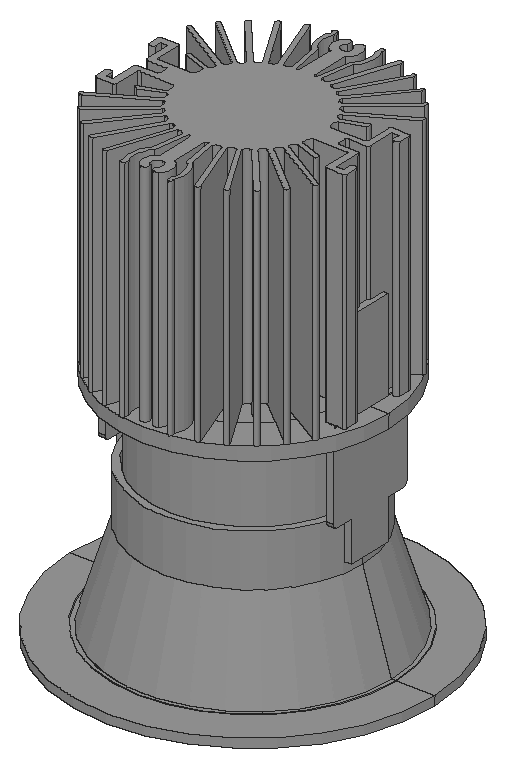
Revit family "Artemide_Everything_80", category Lighting Fixtures, Revit 2018 (continued)
Types (216, lengths in mm): name | V_TrimlessSquare | V_TrimlessRound | V_TrimSquare | V_TrimRound | V_Square | V_Round | Radius_RoundVoidReal | Photometric Web File | M_Trim | M_Louvre | M_HousingLed | built-in parameter 1150105 | Lumens | built-in parameter 1150107 | built-in parameter 1150106 | URL to O&M Manual | Trim Material | Trim Finish | Trim Colour  | Product Model Number | Product Literature | Overall Width | Overall Length | Output Lumens Direct light | Input Lumens Direct light | Initial Lumens | IES Files  | Housing Colour  | Face Shape | Efficiency | built-in parameter 1150104 | Distance_SquareVoidReal | Colour Temperature | Angle_LightReal | Angle_LightRange | Angle_Light | Adjustable
  Everything_80_Round_Trim_23°_3000K_White/PolishedMetal_M278620 | no | no | no | yes | no | yes | 31.6 | "M278620.IES" | Artemide_Aluminum_White | Artemide_Aluminum_PolishedMetal | Artemide_Aluminum_PolishedMetal | 84.509 (stored number, unit not read) | 1061.97 lm | 3000 (stored number, unit not read) | 0.84509 (stored number, unit not read) | "https://www.artemide.com/contents/documenti/prodotto/everything_80_trim_instructions4367641.pdf" | "Aluminium" | "Painted" | "Polished Metal" | "M278620" | "https://www.artemide.com/it/subfamily/2380637/everything-80-trim" | 0 | 80 | 1062 | 1390 | 1062 | "https://www.artemide.com/product/downloadFile/2381452/ieseu/4916929" | "White" | "Round" | 76 | 7.5892 (stored number, unit not read) | 0.8 | 3000 | 90.00° | 60.00° | 60.00° | no
  Everything_80_Round_Trim_Adj_23°_3000K_White/PolishedMetal_M278625 | no | no | no | yes | no | yes | 31.6 | "M278625.IES" | Artemide_Aluminum_White | Artemide_Aluminum_PolishedMetal | Artemide_Aluminum_PolishedMetal | 84.509 (stored number, unit not read) | 1061.97 lm | 3000 (stored number, unit not read) | 0.84509 (stored number, unit not read) | "https://www.artemide.com/contents/documenti/prodotto/everything_80_trim_instructions4367641.pdf" | "Aluminium" | "Painted" | "Polished Metal" | "M278625" | "https://www.artemide.com/it/subfamily/2380637/everything-80-trim" | 0 | 80 | 1062 | 1390 | 1062 | "https://www.artemide.com/product/downloadFile/2381564/ieseu/4916582" | "White" | "Round" | 76 | 7.5892 (stored number, unit not read) | 0.8 | 3000 | 60.00° | 60.00° | 60.00° | yes
  Everything_80_Round_Trim_23°_3000K_White/Black_M251620 | no | no | no | yes | no | yes | 31.6 | "M251620.IES" | Artemide_Aluminum_White | Artemide_Aluminum_Black | Artemide_Aluminum_Black | 69.353 (stored number, unit not read) | 871.52 lm | 3000 (stored number, unit not read) | 0.69353 (stored number, unit not read) | "https://www.artemide.com/contents/documenti/prodotto/everything_80_trim_instructions4367641.pdf" | "Aluminium" | "Painted" | "Black" | "M251620" | "https://www.artemide.com/it/subfamily/2380637/everything-80-trim" | 0 | 80 | 872 | 1390 | 872 | "https://www.artemide.com/product/downloadFile/2381694/ieseu/4916813" | "White" | "Round" | 63 | 6.2282 (stored number, unit not read) | 0.8 | 3000 | 90.00° | 60.00° | 60.00° | no
  Everything_80_Round_Trim_Adj_23°_3000K_White/Black_M251625 | no | no | no | yes | no | yes | 31.6 | "M251625.IES" | Artemide_Aluminum_White | Artemide_Aluminum_Black | Artemide_Aluminum_Black | 69.353 (stored number, unit not read) | 871.52 lm | 3000 (stored number, unit not read) | 0.69353 (stored number, unit not read) | "https://www.artemide.com/contents/documenti/prodotto/everything_80_trim_instructions4367641.pdf" | "Aluminium" | "Painted" | "Black" | "M251625" | "https://www.artemide.com/it/subfamily/2380637/everything-80-trim" | 0 | 80 | 872 | 1390 | 872 | "https://www.artemide.com/product/downloadFile/2381814/ieseu/4916783" | "White" | "Round" | 63 | 6.2282 (stored number, unit not read) | 0.8 | 3000 | 60.00° | 60.00° | 60.00° | yes
  Everything_80_Round_Trim_23°_3000K_Black/Black_M251610 | no | no | no | yes | no | yes | 31.6 | "M251610.IES" | Artemide_Aluminum_Black | Artemide_Aluminum_Black | Artemide_Aluminum_Black | 69.353 (stored number, unit not read) | 871.52 lm | 3000 (stored number, unit not read) | 0.69353 (stored number, unit not read) | "https://www.artemide.com/contents/documenti/prodotto/everything_80_trim_instructions4367641.pdf" | "Aluminium" | "Painted" | "Black" | "M251610" | "https://www.artemide.com/it/subfamily/2380637/everything-80-trim" | 0 | 80 | 872 | 1390 | 872 | "https://www.artemide.com/product/downloadFile/2381944/ieseu/4916856" | "Black" | "Round" | 63 | 6.2282 (stored number, unit not read) | 0.8 | 3000 | 90.00° | 60.00° | 60.00° | no
  Everything_80_Round_Trim_Adj_23°_3000K_Black/Black_M251615 | no | no | no | yes | no | yes | 31.6 | "M251615.IES" | Artemide_Aluminum_Black | Artemide_Aluminum_Black | Artemide_Aluminum_Black | 69.353 (stored number, unit not read) | 871.52 lm | 3000 (stored number, unit not read) | 0.69353 (stored number, unit not read) | "https://www.artemide.com/contents/documenti/prodotto/everything_80_trim_instructions4367641.pdf" | "Aluminium" | "Painted" | "Black" | "M251615" | "https://www.artemide.com/it/subfamily/2380637/everything-80-trim" | 0 | 80 | 872 | 1390 | 872 | "https://www.artemide.com/product/downloadFile/2382064/ieseu/4917098" | "Black" | "Round" | 63 | 6.2282 (stored number, unit not read) | 0.8 | 3000 | 60.00° | 60.00° | 60.00° | yes
  Everything_80_Round_Trim_23°_3000K_Silver/Black_M251660 | no | no | no | yes | no | yes | 31.6 | "M251660.IES" | Artemide_Aluminum_BrushedSilver | Artemide_Aluminum_Black | Artemide_Aluminum_Black | 69.353 (stored number, unit not read) | 871.52 lm | 3000 (stored number, unit not read) | 0.69353 (stored number, unit not read) | "https://www.artemide.com/contents/documenti/prodotto/everything_80_trim_instructions4367641.pdf" | "Aluminium" | "Painted" | "Black" | "M251660" | "https://www.artemide.com/it/subfamily/2380637/everything-80-trim" | 0 | 80 | 872 | 1390 | 872 | "https://www.artemide.com/product/downloadFile/2382194/ieseu/4916811" | "Silver" | "Round" | 63 | 6.2282 (stored number, unit not read) | 0.8 | 3000 | 90.00° | 60.00° | 60.00° | no
  Everything_80_Round_Trim_Adj_23°_3000K_Silver/Black_M251665 | no | no | no | yes | no | yes | 31.6 | "M251665.IES" | Artemide_Aluminum_BrushedSilver | Artemide_Aluminum_Black | Artemide_Aluminum_Black | 69.353 (stored number, unit not read) | 871.52 lm | 3000 (stored number, unit not read) | 0.69353 (stored number, unit not read) | "https://www.artemide.com/contents/documenti/prodotto/everything_80_trim_instructions4367641.pdf" | "Aluminium" | "Painted" | "Black" | "M251665" | "https://www.artemide.com/it/subfamily/2380637/everything-80-trim" | 0 | 80 | 872 | 1390 | 872 | "https://www.artemide.com/product/downloadFile/2382314/ieseu/4916882" | "Silver" | "Round" | 63 | 6.2282 (stored number, unit not read) | 0.8 | 3000 | 60.00° | 60.00° | 60.00° | yes
  Everything_80_Round_Trim_28°_3000K_White/White_M251220 | no | no | no | yes | no | yes | 31.6 | "M251220.IES" | Artemide_Aluminum_White | Artemide_Aluminum_White | Artemide_Aluminum_White | 83.733 (stored number, unit not read) | 1052.22 lm | 3000 (stored number, unit not read) | 0.83733 (stored number, unit not read) | "https://www.artemide.com/contents/documenti/prodotto/everything_80_trim_instructions4367641.pdf" | "Aluminium" | "Painted" | "White" | "M251220" | "https://www.artemide.com/it/subfamily/2380637/everything-80-trim" | 0 | 80 | 1052 | 1390 | 1052 | "https://www.artemide.com/product/downloadFile/2386705/ieseu/4917043" | "White" | "Round" | 76 | 7.5196 (stored number, unit not read) | 0.8 | 3000 | 90.00° | 60.00° | 60.00° | no
  Everything_80_Round_Trim_Adj_23°_3000K_White/White_M251225 | no | no | no | yes | no | yes | 31.6 | "M251225.IES" | Artemide_Aluminum_White | Artemide_Aluminum_White | Artemide_Aluminum_White | 83.733 (stored number, unit not read) | 1052.22 lm | 3000 (stored number, unit not read) | 0.83733 (stored number, unit not read) | "https://www.artemide.com/contents/documenti/prodotto/everything_80_trim_instructions4367641.pdf" | "Aluminium" | "Painted" | "White" | "M251225" | "https://www.artemide.com/it/subfamily/2380637/everything-80-trim" | 0 | 80 | 1052 | 1390 | 1052 | "https://www.artemide.com/product/downloadFile/2386897/ieseu/4916919" | "White" | "Round" | 76 | 7.5196 (stored number, unit not read) | 0.8 | 3000 | 60.00° | 60.00° | 60.00° | yes
  Everything_80_Round_Trim_28°_3000K_Black/PolishedMetal_M278810 | no | no | no | yes | no | yes | 31.6 | "M278810.IES" | Artemide_Aluminum_Black | Artemide_Aluminum_PolishedMetal | Artemide_Aluminum_PolishedMetal | 0.000078198 (stored number, unit not read) | 0.00098267 lm | 3000 (stored number, unit not read) | 0.000000782 (stored number, unit not read) | "https://www.artemide.com/contents/documenti/prodotto/everything_80_trim_instructions4367641.pdf" | "Aluminium" | "Painted" | "Polished Metal" | "M278810" | "https://www.artemide.com/it/subfamily/2380637/everything-80-trim" | 0 | 80 | 983 | 1390 | 983 | "https://www.artemide.com/product/downloadFile/2387421/ieseu/4916695" | "Black" | "Round" | 71 | 0.000007023 (stored number, unit not read) | 0.8 | 3000 | 90.00° | 60.00° | 60.00° | no
  Everything_80_Round_Trim_Adj_28°_3000K_Black/PolishedMetal_M278815 | no | no | no | yes | no | yes | 31.6 | "M278815.IES" | Artemide_Aluminum_Black | Artemide_Aluminum_PolishedMetal | Artemide_Aluminum_PolishedMetal | 0.000078198 (stored number, unit not read) | 0.00098267 lm | 3000 (stored number, unit not read) | 0.000000782 (stored number, unit not read) | "https://www.artemide.com/contents/documenti/prodotto/everything_80_trim_instructions4367641.pdf" | "Aluminium" | "Painted" | "Polished Metal" | "M278815" | "https://www.artemide.com/it/subfamily/2380637/everything-80-trim" | 0 | 80 | 983 | 1390 | 983 | "https://www.artemide.com/product/downloadFile/2387543/ieseu/4917024" | "Black" | "Round" | 71 | 0.000007023 (stored number, unit not read) | 0.8 | 3000 | 60.00° | 60.00° | 60.00° | yes
  Everything_80_Round_Trim_28°_3000K_White/PolishedMetal_M278820 | no | no | no | yes | no | yes | 31.6 | "M278820.IES" | Artemide_Aluminum_White | Artemide_Aluminum_PolishedMetal | Artemide_Aluminum_PolishedMetal | 0.000078198 (stored number, unit not read) | 0.00098267 lm | 3000 (stored number, unit not read) | 0.000000782 (stored number, unit not read) | "https://www.artemide.com/contents/documenti/prodotto/everything_80_trim_instructions4367641.pdf" | "Aluminium" | "Painted" | "Polished Metal" | "M278820" | "https://www.artemide.com/it/subfamily/2380637/everything-80-trim" | 0 | 80 | 983 | 1390 | 983 | "https://www.artemide.com/product/downloadFile/2387665/ieseu/4917202" | "White" | "Round" | 71 | 0.000007023 (stored number, unit not read) | 0.8 | 3000 | 90.00° | 60.00° | 60.00° | no
  Everything_80_Round_Trim_Adj_28°_3000K_White/PolishedMetal_M278825 | no | no | no | yes | no | yes | 31.6 | "M278825.IES" | Artemide_Aluminum_White | Artemide_Aluminum_PolishedMetal | Artemide_Aluminum_PolishedMetal | 0.000078198 (stored number, unit not read) | 0.00098267 lm | 3000 (stored number, unit not read) | 0.000000782 (stored number, unit not read) | "https://www.artemide.com/contents/documenti/prodotto/everything_80_trim_instructions4367641.pdf" | "Aluminium" | "Painted" | "Polished Metal" | "M278825" | "https://www.artemide.com/it/subfamily/2380637/everything-80-trim" | 0 | 80 | 983 | 1390 | 983 | "https://www.artemide.com/product/downloadFile/2387795/ieseu/4916519" | "White" | "Round" | 71 | 0.000007023 (stored number, unit not read) | 0.8 | 3000 | 60.00° | 60.00° | 60.00° | yes
  Everything_80_Round_Trim_28°_3000K_White/Black_M251820 | no | no | no | yes | no | yes | 31.6 | "M251820.IES" | Artemide_Aluminum_White | Artemide_Aluminum_Black | Artemide_Aluminum_Black | 70.791 (stored number, unit not read) | 889.59 lm | 3000 (stored number, unit not read) | 0.70791 (stored number, unit not read) | "https://www.artemide.com/contents/documenti/prodotto/everything_80_trim_instructions4367641.pdf" | "Aluminium" | "Painted" | "Black" | "M251820" | "https://www.artemide.com/it/subfamily/2380637/everything-80-trim" | 0 | 80 | 890 | 1390 | 890 | "https://www.artemide.com/product/downloadFile/2387925/ieseu/4916556" | "White" | "Round" | 64 | 6.3574 (stored number, unit not read) | 0.8 | 3000 | 90.00° | 60.00° | 60.00° | no
  Everything_80_Round_Trim_Adj_28°_3000K_White/Black_M251825 | no | no | no | yes | no | yes | 31.6 | "M251825.IES" | Artemide_Aluminum_White | Artemide_Aluminum_Black | Artemide_Aluminum_Black | 70.791 (stored number, unit not read) | 889.59 lm | 3000 (stored number, unit not read) | 0.70791 (stored number, unit not read) | "https://www.artemide.com/contents/documenti/prodotto/everything_80_trim_instructions4367641.pdf" | "Aluminium" | "Painted" | "Black" | "M251825" | "https://www.artemide.com/it/subfamily/2380637/everything-80-trim" | 0 | 80 | 890 | 1390 | 890 | "https://www.artemide.com/product/downloadFile/2388055/ieseu/4916861" | "White" | "Round" | 64 | 6.3574 (stored number, unit not read) | 0.8 | 3000 | 60.00° | 60.00° | 60.00° | yes
  Everything_80_Round_Trim_28°_3000K_Black/Black_M251810 | no | no | no | yes | no | yes | 31.6 | "M251810.IES" | Artemide_Aluminum_Black | Artemide_Aluminum_Black | Artemide_Aluminum_Black | 70.791 (stored number, unit not read) | 889.59 lm | 3000 (stored number, unit not read) | 0.70791 (stored number, unit not read) | "https://www.artemide.com/contents/documenti/prodotto/everything_80_trim_instructions4367641.pdf" | "Aluminium" | "Painted" | "Black" | "M251810" | "https://www.artemide.com/it/subfamily/2380637/everything-80-trim" | 0 | 80 | 890 | 1390 | 890 | "https://www.artemide.com/product/downloadFile/2388185/ieseu/4917118" | "Black" | "Round" | 64 | 6.3574 (stored number, unit not read) | 0.8 | 3000 | 90.00° | 60.00° | 60.00° | no
  Everything_80_Round_Trim_Adj_28°_3000K_Black/Black_M251815 | no | no | no | yes | no | yes | 31.6 | "M251815.IES" | Artemide_Aluminum_Black | Artemide_Aluminum_Black | Artemide_Aluminum_Black | 70.791 (stored number, unit not read) | 889.59 lm | 3000 (stored number, unit not read) | 0.70791 (stored number, unit not read) | "https://www.artemide.com/contents/documenti/prodotto/everything_80_trim_instructions4367641.pdf" | "Aluminium" | "Painted" | "Black" | "M251815" | "https://www.artemide.com/it/subfamily/2380637/everything-80-trim" | 0 | 80 | 890 | 1390 | 890 | "https://www.artemide.com/product/downloadFile/2388315/ieseu/4916623" | "Black" | "Round" | 64 | 6.3574 (stored number, unit not read) | 0.8 | 3000 | 60.00° | 60.00° | 60.00° | yes
  Everything_80_Round_Trim_28°_3000K_Silver/Black_M251860 | no | no | no | yes | no | yes | 31.6 | "M251860.IES" | Artemide_Aluminum_BrushedSilver | Artemide_Aluminum_Black | Artemide_Aluminum_Black | 70.791 (stored number, unit not read) | 889.59 lm | 3000 (stored number, unit not read) | 0.70791 (stored number, unit not read) | "https://www.artemide.com/contents/documenti/prodotto/everything_80_trim_instructions4367641.pdf" | "Aluminium" | "Painted" | "Black" | "M251860" | "https://www.artemide.com/it/subfamily/2380637/everything-80-trim" | 0 | 80 | 890 | 1390 | 890 | "https://www.artemide.com/product/downloadFile/2388445/ieseu/4916840" | "Silver" | "Round" | 64 | 6.3574 (stored number, unit not read) | 0.8 | 3000 | 90.00° | 60.00° | 60.00° | no
  Everything_80_Round_Trim_Adj_28°_3000K_Silver/Black_M251865 | no | no | no | yes | no | yes | 31.6 | "M251865.IES" | Artemide_Aluminum_BrushedSilver | Artemide_Aluminum_Black | Artemide_Aluminum_Black | 70.791 (stored number, unit not read) | 889.59 lm | 3000 (stored number, unit not read) | 0.70791 (stored number, unit not read) | "https://www.artemide.com/contents/documenti/prodotto/everything_80_trim_instructions4367641.pdf" | "Aluminium" | "Painted" | "Black" | "M251865" | "https://www.artemide.com/it/subfamily/2380637/everything-80-trim" | 0 | 80 | 890 | 1390 | 890 | "https://www.artemide.com/product/downloadFile/2388575/ieseu/4916947" | "Silver" | "Round" | 64 | 6.3574 (stored number, unit not read) | 0.8 | 3000 | 60.00° | 60.00° | 60.00° | yes
  Everything_80_Round_Trim_46°_3000K_White/White_M251420 | no | no | no | yes | no | yes | 31.6 | "M251420.IES" | Artemide_Aluminum_White | Artemide_Aluminum_White | Artemide_Aluminum_White | 81.964 (stored number, unit not read) | 1029.99 lm | 3000 (stored number, unit not read) | 0.81964 (stored number, unit not read) | "https://www.artemide.com/contents/documenti/prodotto/everything_80_trim_instructions4367641.pdf" | "Aluminium" | "Painted" | "White" | "M251420" | "https://www.artemide.com/it/subfamily/2380637/everything-80-trim" | 0 | 80 | 1030 | 1390 | 1030 | "https://www.artemide.com/product/downloadFile/2394954/ieseu/4917035" | "White" | "Round" | 74 | 7.3607 (stored number, unit not read) | 0.8 | 3000 | 90.00° | 60.00° | 60.00° | no
  Everything_80_Round_Trim_Adj_46°_3000K_White/White_M251425 | no | no | no | yes | no | yes | 31.6 | "M251425.IES" | Artemide_Aluminum_White | Artemide_Aluminum_White | Artemide_Aluminum_White | 81.964 (stored number, unit not read) | 1029.99 lm | 3000 (stored number, unit not read) | 0.81964 (stored number, unit not read) | "https://www.artemide.com/contents/documenti/prodotto/everything_80_trim_instructions4367641.pdf" | "Aluminium" | "Painted" | "White" | "M251425" | "https://www.artemide.com/it/subfamily/2380637/everything-80-trim" | 0 | 80 | 1030 | 1390 | 1030 | "https://www.artemide.com/product/downloadFile/2395050/ieseu/4917121" | "White" | "Round" | 74 | 7.3607 (stored number, unit not read) | 0.8 | 3000 | 60.00° | 60.00° | 60.00° | yes
  Everything_80_Round_Trim_46°_3000K_Black/PolishedMetal_M279010 | no | no | no | yes | no | yes | 31.6 | "M279010.IES" | Artemide_Aluminum_Black | Artemide_Aluminum_PolishedMetal | Artemide_Aluminum_PolishedMetal | 71.009 (stored number, unit not read) | 892.32 lm | 3000 (stored number, unit not read) | 0.71009 (stored number, unit not read) | "https://www.artemide.com/contents/documenti/prodotto/everything_80_trim_instructions4367641.pdf" | "Aluminium" | "Painted" | "Polished Metal" | "M279010" | "https://www.artemide.com/it/subfamily/2380637/everything-80-trim" | 0 | 80 | 892 | 1390 | 892 | "https://www.artemide.com/product/downloadFile/2395186/ieseu/4916638" | "Black" | "Round" | 64 | 6.3769 (stored number, unit not read) | 0.8 | 3000 | 90.00° | 60.00° | 60.00° | no
  Everything_80_Round_Trim_Adj_46°_3000K_Black/PolishedMetal_M279015 | no | no | no | yes | no | yes | 31.6 | "M279015.IES" | Artemide_Aluminum_Black | Artemide_Aluminum_PolishedMetal | Artemide_Aluminum_PolishedMetal | 71.009 (stored number, unit not read) | 892.32 lm | 3000 (stored number, unit not read) | 0.71009 (stored number, unit not read) | "https://www.artemide.com/contents/documenti/prodotto/everything_80_trim_instructions4367641.pdf" | "Aluminium" | "Painted" | "Polished Metal" | "M279015" | "https://www.artemide.com/it/subfamily/2380637/everything-80-trim" | 0 | 80 | 892 | 1390 | 892 | "https://www.artemide.com/product/downloadFile/2395308/ieseu/4916463" | "Black" | "Round" | 64 | 6.3769 (stored number, unit not read) | 0.8 | 3000 | 60.00° | 60.00° | 60.00° | yes
  Everything_80_Round_Trim_46°_3000K_White/PolishedMetal_M279020 | no | no | no | yes | no | yes | 31.6 | "M279020.IES" | Artemide_Aluminum_White | Artemide_Aluminum_PolishedMetal | Artemide_Aluminum_PolishedMetal | 71.009 (stored number, unit not read) | 892.32 lm | 3000 (stored number, unit not read) | 0.71009 (stored number, unit not read) | "https://www.artemide.com/contents/documenti/prodotto/everything_80_trim_instructions4367641.pdf" | "Aluminium" | "Painted" | "Polished Metal" | "M279020" | "https://www.artemide.com/it/subfamily/2380637/everything-80-trim" | 0 | 80 | 892 | 1390 | 892 | "https://www.artemide.com/product/downloadFile/2395430/ieseu/4916563" | "White" | "Round" | 64 | 6.3769 (stored number, unit not read) | 0.8 | 3000 | 90.00° | 60.00° | 60.00° | no
  Everything_80_Round_Trim_Adj_46°_3000K_White/PolishedMetal_M279025 | no | no | no | yes | no | yes | 31.6 | "M279025.IES" | Artemide_Aluminum_White | Artemide_Aluminum_PolishedMetal | Artemide_Aluminum_PolishedMetal | 71.009 (stored number, unit not read) | 892.32 lm | 3000 (stored number, unit not read) | 0.71009 (stored number, unit not read) | "https://www.artemide.com/contents/documenti/prodotto/everything_80_trim_instructions4367641.pdf" | "Aluminium" | "Painted" | "Polished Metal" | "M279025" | "https://www.artemide.com/it/subfamily/2380637/everything-80-trim" | 0 | 80 | 892 | 1390 | 892 | "https://www.artemide.com/product/downloadFile/2395560/ieseu/4916532" | "White" | "Round" | 64 | 6.3769 (stored number, unit not read) | 0.8 | 3000 | 60.00° | 60.00° | 60.00° | yes
  Everything_80_Round_Trim_46°_3000K_White/Black_M252020 | no | no | no | yes | no | yes | 31.6 | "M252020.IES" | Artemide_Aluminum_White | Artemide_Aluminum_Black | Artemide_Aluminum_Black | 52.429 (stored number, unit not read) | 658.84 lm | 3000 (stored number, unit not read) | 0.52429 (stored number, unit not read) | "https://www.artemide.com/contents/documenti/prodotto/everything_80_trim_instructions4367641.pdf" | "Aluminium" | "Painted" | "Black" | "M252020" | "https://www.artemide.com/it/subfamily/2380637/everything-80-trim" | 0 | 80 | 659 | 1390 | 659 | "https://www.artemide.com/product/downloadFile/2395690/ieseu/4916766" | "White" | "Round" | 47 | 4.7083 (stored number, unit not read) | 0.8 | 3000 | 90.00° | 60.00° | 60.00° | no
  Everything_80_Round_Trim_Adj_46°_3000K_White/Black_M252025 | no | no | no | yes | no | yes | 31.6 | "M252025.IES" | Artemide_Aluminum_White | Artemide_Aluminum_Black | Artemide_Aluminum_Black | 52.429 (stored number, unit not read) | 658.84 lm | 3000 (stored number, unit not read) | 0.52429 (stored number, unit not read) | "https://www.artemide.com/contents/documenti/prodotto/everything_80_trim_instructions4367641.pdf" | "Aluminium" | "Painted" | "Black" | "M252025" | "https://www.artemide.com/it/subfamily/2380637/everything-80-trim" | 0 | 80 | 659 | 1390 | 659 | "https://www.artemide.com/product/downloadFile/2395820/ieseu/4917182" | "White" | "Round" | 47 | 4.7083 (stored number, unit not read) | 0.8 | 3000 | 60.00° | 60.00° | 60.00° | yes
  Everything_80_Round_Trim_46°_3000K_Black/Black_M252010 | no | no | no | yes | no | yes | 31.6 | "M252010.IES" | Artemide_Aluminum_Black | Artemide_Aluminum_Black | Artemide_Aluminum_Black | 52.429 (stored number, unit not read) | 658.84 lm | 3000 (stored number, unit not read) | 0.52429 (stored number, unit not read) | "https://www.artemide.com/contents/documenti/prodotto/everything_80_trim_instructions4367641.pdf" | "Aluminium" | "Painted" | "Black" | "M252010" | "https://www.artemide.com/it/subfamily/2380637/everything-80-trim" | 0 | 80 | 659 | 1390 | 659 | "https://www.artemide.com/product/downloadFile/2395950/ieseu/4916569" | "Black" | "Round" | 47 | 4.7083 (stored number, unit not read) | 0.8 | 3000 | 90.00° | 60.00° | 60.00° | no
  Everything_80_Round_Trim_Adj_46°_3000K_Black/Black_M252015 | no | no | no | yes | no | yes | 31.6 | "M252015.IES" | Artemide_Aluminum_Black | Artemide_Aluminum_Black | Artemide_Aluminum_Black | 52.429 (stored number, unit not read) | 658.84 lm | 3000 (stored number, unit not read) | 0.52429 (stored number, unit not read) | "https://www.artemide.com/contents/documenti/prodotto/everything_80_trim_instructions4367641.pdf" | "Aluminium" | "Painted" | "Black" | "M252015" | "https://www.artemide.com/it/subfamily/2380637/everything-80-trim" | 0 | 80 | 659 | 1390 | 659 | "https://www.artemide.com/product/downloadFile/2396080/ieseu/4916631" | "Black" | "Round" | 47 | 4.7083 (stored number, unit not read) | 0.8 | 3000 | 60.00° | 60.00° | 60.00° | yes
  Everything_80_Round_Trim_46°_3000K_Silver/Black_M252060 | no | no | no | yes | no | yes | 31.6 | "M252060.IES" | Artemide_Aluminum_BrushedSilver | Artemide_Aluminum_Black | Artemide_Aluminum_Black | 52.429 (stored number, unit not read) | 658.84 lm | 3000 (stored number, unit not read) | 0.52429 (stored number, unit not read) | "https://www.artemide.com/contents/documenti/prodotto/everything_80_trim_instructions4367641.pdf" | "Aluminium" | "Painted" | "Black" | "M252060" | "https://www.artemide.com/it/subfamily/2380637/everything-80-trim" | 0 | 80 | 659 | 1390 | 659 | "https://www.artemide.com/product/downloadFile/2396210/ieseu/4917195" | "Silver" | "Round" | 47 | 4.7083 (stored number, unit not read) | 0.8 | 3000 | 90.00° | 60.00° | 60.00° | no
  Everything_80_Round_Trim_Adj_46°_3000K_Silver/Black_M252065 | no | no | no | yes | no | yes | 31.6 | "M252065.IES" | Artemide_Aluminum_BrushedSilver | Artemide_Aluminum_Black | Artemide_Aluminum_Black | 52.429 (stored number, unit not read) | 658.84 lm | 3000 (stored number, unit not read) | 0.52429 (stored number, unit not read) | "https://www.artemide.com/contents/documenti/prodotto/everything_80_trim_instructions4367641.pdf" | "Aluminium" | "Painted" | "Black" | "M252065" | "https://www.artemide.com/it/subfamily/2380637/everything-80-trim" | 0 | 80 | 659 | 1390 | 659 | "https://www.artemide.com/product/downloadFile/2396330/ieseu/4916800" | "Silver" | "Round" | 47 | 4.7083 (stored number, unit not read) | 0.8 | 3000 | 60.00° | 60.00° | 60.00° | yes
  Everything_80_Square_Trim_Adjustable_23°_3000K_White/White_M253425 | no | no | yes | no | yes | no | 0.3 | "M253425.IES" | Artemide_Aluminum_White | Artemide_Aluminum_White | Artemide_Aluminum_White | 82.523 (stored number, unit not read) | 1037.01 lm | 3000 (stored number, unit not read) | 0.82523 (stored number, unit not read) | "https://www.artemide.com/contents/documenti/prodotto/everything_80_trim_instructions4367641.pdf" | "Aluminium" | "Painted" | "White" | "M253425" | "https://www.artemide.com/it/subfamily/2380637/everything-80-trim" | 80 | 80 | 1037 | 1390 | 1037 | "https://www.artemide.com/product/downloadFile/2417639/ieseu/4917200" | "White" | "Square" | 75 | 7.4109 (stored number, unit not read) | 63.2 | 3000 | 60.00° | 60.00° | 60.00° | yes
  Everything_80_Square_Trim_23°_3000K_Black/PolishedMetal_M273610 | no | no | yes | no | yes | no | 0.3 | "M273610.IES" | Artemide_Aluminum_Black | Artemide_Aluminum_PolishedMetal | Artemide_Aluminum_PolishedMetal | 86.278 (stored number, unit not read) | 1084.2 lm | 3000 (stored number, unit not read) | 0.86278 (stored number, unit not read) | "https://www.artemide.com/contents/documenti/prodotto/everything_80_trim_instructions4367641.pdf" | "Aluminium" | "Painted" | "Polished Metal" | "M273610" | "https://www.artemide.com/it/subfamily/2380637/everything-80-trim" | 80 | 80 | 1084 | 1390 | 1084 | "https://www.artemide.com/product/downloadFile/2417782/ieseu/4916845" | "Black" | "Square" | 78 | 7.7481 (stored number, unit not read) | 63.2 | 3000 | 90.00° | 60.00° | 60.00° | no
  Everything_80_Square_Trim_Adjustable_23°_3000K_Black/PolishedMetal_M273615 | no | no | yes | no | yes | no | 0.3 | "M273615.IES" | Artemide_Aluminum_Black | Artemide_Aluminum_PolishedMetal | Artemide_Aluminum_PolishedMetal | 86.278 (stored number, unit not read) | 1084.2 lm | 3000 (stored number, unit not read) | 0.86278 (stored number, unit not read) | "https://www.artemide.com/contents/documenti/prodotto/everything_80_trim_instructions4367641.pdf" | "Aluminium" | "Painted" | "Polished Metal" | "M273615" | "https://www.artemide.com/it/subfamily/2380637/everything-80-trim" | 80 | 80 | 1084 | 1390 | 1084 | "https://www.artemide.com/product/downloadFile/2417915/ieseu/4916971" | "Black" | "Square" | 78 | 7.7481 (stored number, unit not read) | 63.2 | 3000 | 60.00° | 60.00° | 60.00° | yes
  Everything_80_Square_Trim_23°_3000K_White/PolishedMetal_M273620 | no | no | yes | no | yes | no | 0.3 | "M273620.IES" | Artemide_Aluminum_White | Artemide_Aluminum_PolishedMetal | Artemide_Aluminum_PolishedMetal | 86.278 (stored number, unit not read) | 1084.2 lm | 3000 (stored number, unit not read) | 0.86278 (stored number, unit not read) | "https://www.artemide.com/contents/documenti/prodotto/everything_80_trim_instructions4367641.pdf" | "Aluminium" | "Painted" | "Polished Metal" | "M273620" | "https://www.artemide.com/it/subfamily/2380637/everything-80-trim" | 80 | 80 | 1084 | 1390 | 1084 | "https://www.artemide.com/product/downloadFile/2418065/ieseu/4916636" | "White" | "Square" | 78 | 7.7481 (stored number, unit not read) | 63.2 | 3000 | 90.00° | 60.00° | 60.00° | no
  Everything_80_Square_Trim_Adjustable_23°_3000K_White/PolishedMetal_M273625 | no | no | yes | no | yes | no | 0.3 | "M273625.IES" | Artemide_Aluminum_White | Artemide_Aluminum_PolishedMetal | Artemide_Aluminum_PolishedMetal | 86.278 (stored number, unit not read) | 1084.2 lm | 3000 (stored number, unit not read) | 0.86278 (stored number, unit not read) | "https://www.artemide.com/contents/documenti/prodotto/everything_80_trim_instructions4367641.pdf" | "Aluminium" | "Painted" | "Polished Metal" | "M273625" | "https://www.artemide.com/it/subfamily/2380637/everything-80-trim" | 80 | 80 | 1084 | 1390 | 1084 | "https://www.artemide.com/product/downloadFile/2418205/ieseu/4916543" | "White" | "Square" | 78 | 7.7481 (stored number, unit not read) | 63.2 | 3000 | 60.00° | 60.00° | 60.00° | yes
  Everything_80_Square_Trim_23°_3000K_White/Black_M254020 | no | no | yes | no | yes | no | 0.3 | "M254020.IES" | Artemide_Aluminum_White | Artemide_Aluminum_Black | Artemide_Aluminum_Black | 67.698 (stored number, unit not read) | 850.72 lm | 3000 (stored number, unit not read) | 0.67698 (stored number, unit not read) | "https://www.artemide.com/contents/documenti/prodotto/everything_80_trim_instructions4367641.pdf" | "Aluminium" | "Painted" | "Black" | "M254020" | "https://www.artemide.com/it/subfamily/2380637/everything-80-trim" | 80 | 80 | 851 | 1390 | 851 | "https://www.artemide.com/product/downloadFile/2418355/ieseu/4916698" | "White" | "Square" | 61 | 6.0796 (stored number, unit not read) | 63.2 | 3000 | 90.00° | 60.00° | 60.00° | no
  Everything_80_Square_Trim_Adjustable_23°_3000K_White/Black_M254025 | no | no | yes | no | yes | no | 0.3 | "M254025.IES" | Artemide_Aluminum_White | Artemide_Aluminum_Black | Artemide_Aluminum_Black | 67.698 (stored number, unit not read) | 850.72 lm | 3000 (stored number, unit not read) | 0.67698 (stored number, unit not read) | "https://www.artemide.com/contents/documenti/prodotto/everything_80_trim_instructions4367641.pdf" | "Aluminium" | "Painted" | "Black" | "M254025" | "https://www.artemide.com/it/subfamily/2380637/everything-80-trim" | 80 | 80 | 851 | 1390 | 851 | "https://www.artemide.com/product/downloadFile/2418495/ieseu/4916624" | "White" | "Square" | 61 | 6.0796 (stored number, unit not read) | 63.2 | 3000 | 60.00° | 60.00° | 60.00° | yes
  Everything_80_Square_Trim_23°_3000K_Black/Black_M254010 | no | no | yes | no | yes | no | 0.3 | "M254010.IES" | Artemide_Aluminum_Black | Artemide_Aluminum_Black | Artemide_Aluminum_Black | 67.698 (stored number, unit not read) | 850.72 lm | 3000 (stored number, unit not read) | 0.67698 (stored number, unit not read) | "https://www.artemide.com/contents/documenti/prodotto/everything_80_trim_instructions4367641.pdf" | "Aluminium" | "Painted" | "Black" | "M254010" | "https://www.artemide.com/it/subfamily/2380637/everything-80-trim" | 80 | 80 | 851 | 1390 | 851 | "https://www.artemide.com/product/downloadFile/2418645/ieseu/4917177" | "Black" | "Square" | 61 | 6.0796 (stored number, unit not read) | 63.2 | 3000 | 90.00° | 60.00° | 60.00° | no
  Everything_80_Square_Trim_Adjustable_23°_3000K_Black/Black_M254015 | no | no | yes | no | yes | no | 0.3 | "M254015.IES" | Artemide_Aluminum_Black | Artemide_Aluminum_Black | Artemide_Aluminum_Black | 67.698 (stored number, unit not read) | 850.72 lm | 3000 (stored number, unit not read) | 0.67698 (stored number, unit not read) | "https://www.artemide.com/contents/documenti/prodotto/everything_80_trim_instructions4367641.pdf" | "Aluminium" | "Painted" | "Black" | "M254015" | "https://www.artemide.com/it/subfamily/2380637/everything-80-trim" | 80 | 80 | 851 | 1390 | 851 | "https://www.artemide.com/product/downloadFile/2418785/ieseu/4916720" | "Black" | "Square" | 61 | 6.0796 (stored number, unit not read) | 63.2 | 3000 | 60.00° | 60.00° | 60.00° | yes
  Everything_80_Square_Trim_23°_3000K_Silver/Black_M254060 | no | no | yes | no | yes | no | 0.3 | "M254060.IES" | Artemide_Aluminum_BrushedSilver | Artemide_Aluminum_Black | Artemide_Aluminum_Black | 67.698 (stored number, unit not read) | 850.72 lm | 3000 (stored number, unit not read) | 0.67698 (stored number, unit not read) | "https://www.artemide.com/contents/documenti/prodotto/everything_80_trim_instructions4367641.pdf" | "Aluminium" | "Painted" | "Black" | "M254060" | "https://www.artemide.com/it/subfamily/2380637/everything-80-trim" | 80 | 80 | 851 | 1390 | 851 | "https://www.artemide.com/product/downloadFile/2418935/ieseu/4916445" | "Silver" | "Square" | 61 | 6.0796 (stored number, unit not read) | 63.2 | 3000 | 90.00° | 60.00° | 60.00° | no
  Everything_80_Square_Trim_Adjustable_23°_3000K_Silver/Black_M254065 | no | no | yes | no | yes | no | 0.3 | "M254065.IES" | Artemide_Aluminum_BrushedSilver | Artemide_Aluminum_Black | Artemide_Aluminum_Black | 67.698 (stored number, unit not read) | 850.72 lm | 3000 (stored number, unit not read) | 0.67698 (stored number, unit not read) | "https://www.artemide.com/contents/documenti/prodotto/everything_80_trim_instructions4367641.pdf" | "Aluminium" | "Painted" | "Black" | "M254065" | "https://www.artemide.com/it/subfamily/2380637/everything-80-trim" | 80 | 80 | 851 | 1390 | 851 | "https://www.artemide.com/product/downloadFile/2419075/ieseu/4916943" | "Silver" | "Square" | 61 | 6.0796 (stored number, unit not read) | 63.2 | 3000 | 60.00° | 60.00° | 60.00° | yes
  Everything_80_Square_Trim_28°_3000K_White/White_M253620 | no | no | yes | no | yes | no | 0.3 | "M253620.IES" | Artemide_Aluminum_White | Artemide_Aluminum_White | Artemide_Aluminum_White | 83.402 (stored number, unit not read) | 1048.06 lm | 3000 (stored number, unit not read) | 0.83402 (stored number, unit not read) | "https://www.artemide.com/contents/documenti/prodotto/everything_80_trim_instructions4367641.pdf" | "Aluminium" | "Painted" | "White" | "M253620" | "https://www.artemide.com/it/subfamily/2380637/everything-80-trim" | 80 | 80 | 1048 | 1390 | 1048 | "https://www.artemide.com/product/downloadFile/2421341/ieseu/4916583" | "White" | "Square" | 75 | 7.4898 (stored number, unit not read) | 63.2 | 3000 | 90.00° | 60.00° | 60.00° | no
  Everything_80_Square_Trim_Adjustable_28°_3000K_White/White_M253625 | no | no | yes | no | yes | no | 0.3 | "M253625.IES" | Artemide_Aluminum_White | Artemide_Aluminum_White | Artemide_Aluminum_White | 83.402 (stored number, unit not read) | 1048.06 lm | 3000 (stored number, unit not read) | 0.83402 (stored number, unit not read) | "https://www.artemide.com/contents/documenti/prodotto/everything_80_trim_instructions4367641.pdf" | "Aluminium" | "Painted" | "White" | "M253625" | "https://www.artemide.com/it/subfamily/2380637/everything-80-trim" | 80 | 80 | 1048 | 1390 | 1048 | "https://www.artemide.com/product/downloadFile/2421483/ieseu/4917099" | "White" | "Square" | 75 | 7.4898 (stored number, unit not read) | 63.2 | 3000 | 60.00° | 60.00° | 60.00° | yes
  Everything_80_Square_Trim_28°_3000K_Black/PolishedMetal_M273810 | no | no | yes | no | yes | no | 0.3 | "M273810.IES" | Artemide_Aluminum_Black | Artemide_Aluminum_PolishedMetal | Artemide_Aluminum_PolishedMetal | 81.074 (stored number, unit not read) | 1018.81 lm | 3000 (stored number, unit not read) | 0.81074 (stored number, unit not read) | "https://www.artemide.com/contents/documenti/prodotto/everything_80_trim_instructions4367641.pdf" | "Aluminium" | "Painted" | "Polished Metal" | "M273810" | "https://www.artemide.com/it/subfamily/2380637/everything-80-trim" | 80 | 80 | 1019 | 1390 | 1019 | "https://www.artemide.com/product/downloadFile/2421625/ieseu/4916644" | "Black" | "Square" | 73 | 7.2808 (stored number, unit not read) | 63.2 | 3000 | 90.00° | 60.00° | 60.00° | no
  Everything_80_Square_Trim_Adjustable_28°_3000K_Black/PolishedMetal_M273815 | no | no | yes | no | yes | no | 0.3 | "M273815.IES" | Artemide_Aluminum_Black | Artemide_Aluminum_PolishedMetal | Artemide_Aluminum_PolishedMetal | 81.074 (stored number, unit not read) | 1018.81 lm | 3000 (stored number, unit not read) | 0.81074 (stored number, unit not read) | "https://www.artemide.com/contents/documenti/prodotto/everything_80_trim_instructions4367641.pdf" | "Aluminium" | "Painted" | "Polished Metal" | "M273815" | "https://www.artemide.com/it/subfamily/2380637/everything-80-trim" | 80 | 80 | 1019 | 1390 | 1019 | "https://www.artemide.com/product/downloadFile/2421775/ieseu/4916431" | "Black" | "Square" | 73 | 7.2808 (stored number, unit not read) | 63.2 | 3000 | 60.00° | 60.00° | 60.00° | yes
  Everything_80_Square_Trim_28°_3000K_White/PolishedMetal_M273820 | no | no | yes | no | yes | no | 0.3 | "M273820.IES" | Artemide_Aluminum_White | Artemide_Aluminum_PolishedMetal | Artemide_Aluminum_PolishedMetal | 81.074 (stored number, unit not read) | 1018.81 lm | 3000 (stored number, unit not read) | 0.81074 (stored number, unit not read) | "https://www.artemide.com/contents/documenti/prodotto/everything_80_trim_instructions4367641.pdf" | "Aluminium" | "Painted" | "Polished Metal" | "M273820" | "https://www.artemide.com/it/subfamily/2380637/everything-80-trim" | 80 | 80 | 1019 | 1390 | 1019 | "https://www.artemide.com/product/downloadFile/2421925/ieseu/4916588" | "White" | "Square" | 73 | 7.2808 (stored number, unit not read) | 63.2 | 3000 | 90.00° | 60.00° | 60.00° | no
  Everything_80_Square_Trim_Adjustable_28°_3000K_White/PolishedMetal_M273825 | no | no | yes | no | yes | no | 0.3 | "M273825.IES" | Artemide_Aluminum_White | Artemide_Aluminum_PolishedMetal | Artemide_Aluminum_PolishedMetal | 81.074 (stored number, unit not read) | 1018.81 lm | 3000 (stored number, unit not read) | 0.81074 (stored number, unit not read) | "https://www.artemide.com/contents/documenti/prodotto/everything_80_trim_instructions4367641.pdf" | "Aluminium" | "Painted" | "Polished Metal" | "M273825" | "https://www.artemide.com/it/subfamily/2380637/everything-80-trim" | 80 | 80 | 1019 | 1390 | 1019 | "https://www.artemide.com/product/downloadFile/2422075/ieseu/4916715" | "White" | "Square" | 73 | 7.2808 (stored number, unit not read) | 63.2 | 3000 | 60.00° | 60.00° | 60.00° | yes
  Everything_80_Square_Trim_Adjustable_28°_3000K_White/Black_M254225 | no | no | yes | no | yes | no | 0.3 | "M254225.IES" | Artemide_Aluminum_White | Artemide_Aluminum_Black | Artemide_Aluminum_Black | 67.367 (stored number, unit not read) | 846.56 lm | 3000 (stored number, unit not read) | 0.67367 (stored number, unit not read) | "https://www.artemide.com/contents/documenti/prodotto/everything_80_trim_instructions4367641.pdf" | "Aluminium" | "Painted" | "Black" | "M254225" | "https://www.artemide.com/it/subfamily/2380637/everything-80-trim" | 80 | 80 | 847 | 1390 | 847 | "https://www.artemide.com/product/downloadFile/2422225/ieseu/4917148" | "White" | "Square" | 61 | 6.0498 (stored number, unit not read) | 63.2 | 3000 | 60.00° | 60.00° | 60.00° | yes
  Everything_80_Square_Trim_28°_3000K_Black/PolishedMetal_M254210 | no | no | yes | no | yes | no | 0.3 | "M254210.IES" | Artemide_Aluminum_Black | Artemide_Aluminum_PolishedMetal | Artemide_Aluminum_PolishedMetal | 67.367 (stored number, unit not read) | 846.56 lm | 3000 (stored number, unit not read) | 0.67367 (stored number, unit not read) | "https://www.artemide.com/contents/documenti/prodotto/everything_80_trim_instructions4367641.pdf" | "Aluminium" | "Painted" | "Black" | "M254210" | "https://www.artemide.com/it/subfamily/2380637/everything-80-trim" | 80 | 80 | 847 | 1390 | 847 | "https://www.artemide.com/product/downloadFile/2422525/ieseu/4916719" | "Black" | "Square" | 61 | 6.0498 (stored number, unit not read) | 63.2 | 3000 | 90.00° | 60.00° | 60.00° | no
  Everything_80_Square_Trim_Adjustable_28°_3000K_Black/Black_M254215 | no | no | yes | no | yes | no | 0.3 | "M254215.IES" | Artemide_Aluminum_Black | Artemide_Aluminum_Black | Artemide_Aluminum_Black | 67.367 (stored number, unit not read) | 846.56 lm | 3000 (stored number, unit not read) | 0.67367 (stored number, unit not read) | "https://www.artemide.com/contents/documenti/prodotto/everything_80_trim_instructions4367641.pdf" | "Aluminium" | "Painted" | "Black" | "M254215" | "https://www.artemide.com/it/subfamily/2380637/everything-80-trim" | 80 | 80 | 847 | 1390 | 847 | "https://www.artemide.com/product/downloadFile/2422675/ieseu/4916726" | "Black" | "Square" | 61 | 6.0498 (stored number, unit not read) | 63.2 | 3000 | 60.00° | 60.00° | 60.00° | yes
  Everything_80_Square_Trim_28°_3000K_Silver/Black_M254260 | no | no | yes | no | yes | no | 0.3 | "M254260.IES" | Artemide_Aluminum_BrushedSilver | Artemide_Aluminum_Black | Artemide_Aluminum_Black | 67.367 (stored number, unit not read) | 846.56 lm | 3000 (stored number, unit not read) | 0.67367 (stored number, unit not read) | "https://www.artemide.com/contents/documenti/prodotto/everything_80_trim_instructions4367641.pdf" | "Aluminium" | "Painted" | "Black" | "M254260" | "https://www.artemide.com/it/subfamily/2380637/everything-80-trim" | 80 | 80 | 847 | 1390 | 847 | "https://www.artemide.com/product/downloadFile/2422825/ieseu/4916478" | "Silver" | "Square" | 61 | 6.0498 (stored number, unit not read) | 63.2 | 3000 | 90.00° | 60.00° | 60.00° | no
  Everything_80_Square_Trim_Adjustable_28°_3000K_Silver/Black_M254265 | no | no | yes | no | yes | no | 0.3 | "M254265.IES" | Artemide_Aluminum_BrushedSilver | Artemide_Aluminum_Black | Artemide_Aluminum_Black | 67.367 (stored number, unit not read) | 846.56 lm | 3000 (stored number, unit not read) | 0.67367 (stored number, unit not read) | "https://www.artemide.com/contents/documenti/prodotto/everything_80_trim_instructions4367641.pdf" | "Aluminium" | "Painted" | "Black" | "M254265" | "https://www.artemide.com/it/subfamily/2380637/everything-80-trim" | 80 | 80 | 847 | 1390 | 847 | "https://www.artemide.com/product/downloadFile/2422975/ieseu/4916754" | "Silver" | "Square" | 61 | 6.0498 (stored number, unit not read) | 63.2 | 3000 | 60.00° | 60.00° | 60.00° | yes
  Everything_80_Square_Trim_46°_3000K_White/White_M253820 | no | no | yes | no | yes | no | 0.3 | "M253820.IES" | Artemide_Aluminum_White | Artemide_Aluminum_White | Artemide_Aluminum_White | 81.964 (stored number, unit not read) | 1029.99 lm | 3000 (stored number, unit not read) | 0.81964 (stored number, unit not read) | "https://www.artemide.com/contents/documenti/prodotto/everything_80_trim_instructions4367641.pdf" | "Aluminium" | "Painted" | "White" | "M253820" | "https://www.artemide.com/it/subfamily/2380637/everything-80-trim" | 80 | 80 | 1030 | 1390 | 1030 | "https://www.artemide.com/product/downloadFile/2424849/ieseu/4916745" | "White" | "Square" | 74 | 7.3607 (stored number, unit not read) | 63.2 | 3000 | 90.00° | 60.00° | 60.00° | no
  Everything_80_Square_Trim_Adjustable_46°_3000K_White/White_M253825 | no | no | yes | no | yes | no | 0.3 | "M253825.IES" | Artemide_Aluminum_White | Artemide_Aluminum_White | Artemide_Aluminum_White | 81.964 (stored number, unit not read) | 1029.99 lm | 3000 (stored number, unit not read) | 0.81964 (stored number, unit not read) | "https://www.artemide.com/contents/documenti/prodotto/everything_80_trim_instructions4367641.pdf" | "Aluminium" | "Painted" | "White" | "M253825" | "https://www.artemide.com/it/subfamily/2380637/everything-80-trim" | 80 | 80 | 1030 | 1390 | 1030 | "https://www.artemide.com/product/downloadFile/2424991/ieseu/4916671" | "White" | "Square" | 74 | 7.3607 (stored number, unit not read) | 63.2 | 3000 | 60.00° | 60.00° | 60.00° | yes
  Everything_80_Square_Trim_46°_3000K_Black/PolishedMetal_M274010 | no | no | yes | no | yes | no | 0.3 | "M274010.IES" | Artemide_Aluminum_Black | Artemide_Aluminum_PolishedMetal | Artemide_Aluminum_PolishedMetal | 73.222 (stored number, unit not read) | 920.14 lm | 3000 (stored number, unit not read) | 0.73222 (stored number, unit not read) | "https://www.artemide.com/contents/documenti/prodotto/everything_80_trim_instructions4367641.pdf" | "Aluminium" | "Painted" | "Polished Metal" | "M274010" | "https://www.artemide.com/it/subfamily/2380637/everything-80-trim" | 80 | 80 | 920 | 1390 | 920 | "https://www.artemide.com/product/downloadFile/2425133/ieseu/4916973" | "Black" | "Square" | 66 | 6.5757 (stored number, unit not read) | 63.2 | 3000 | 90.00° | 60.00° | 60.00° | no
  Everything_80_Square_Trim_Adjustable_46°_3000K_Black/PolishedMetal_M274015 | no | no | yes | no | yes | no | 0.3 | "M274015.IES" | Artemide_Aluminum_Black | Artemide_Aluminum_PolishedMetal | Artemide_Aluminum_PolishedMetal | 73.222 (stored number, unit not read) | 920.14 lm | 3000 (stored number, unit not read) | 0.73222 (stored number, unit not read) | "https://www.artemide.com/contents/documenti/prodotto/everything_80_trim_instructions4367641.pdf" | "Aluminium" | "Painted" | "Polished Metal" | "M274015" | "https://www.artemide.com/it/subfamily/2380637/everything-80-trim" | 80 | 80 | 920 | 1390 | 920 | "https://www.artemide.com/product/downloadFile/2425283/ieseu/4916511" | "Black" | "Square" | 66 | 6.5757 (stored number, unit not read) | 63.2 | 3000 | 60.00° | 60.00° | 60.00° | yes
  Everything_80_Square_Trim_46°_3000K_White/PolishedMetal_M274020 | no | no | yes | no | yes | no | 0.3 | "M274020.IES" | Artemide_Aluminum_White | Artemide_Aluminum_PolishedMetal | Artemide_Aluminum_PolishedMetal | 73.222 (stored number, unit not read) | 920.14 lm | 3000 (stored number, unit not read) | 0.73222 (stored number, unit not read) | "https://www.artemide.com/contents/documenti/prodotto/everything_80_trim_instructions4367641.pdf" | "Aluminium" | "Painted" | "Polished Metal" | "M274020" | "https://www.artemide.com/it/subfamily/2380637/everything-80-trim" | 80 | 80 | 920 | 1390 | 920 | "https://www.artemide.com/product/downloadFile/2425433/ieseu/4916528" | "White" | "Square" | 66 | 6.5757 (stored number, unit not read) | 63.2 | 3000 | 90.00° | 60.00° | 60.00° | no
  Everything_80_Square_Trim_Adjustable_46°_3000K_White/PolishedMetal_M274025 | no | no | yes | no | yes | no | 0.3 | "M274025.IES" | Artemide_Aluminum_White | Artemide_Aluminum_PolishedMetal | Artemide_Aluminum_PolishedMetal | 73.222 (stored number, unit not read) | 920.14 lm | 3000 (stored number, unit not read) | 0.73222 (stored number, unit not read) | "https://www.artemide.com/contents/documenti/prodotto/everything_80_trim_instructions4367641.pdf" | "Aluminium" | "Painted" | "Polished Metal" | "M274025" | "https://www.artemide.com/it/subfamily/2380637/everything-80-trim" | 80 | 80 | 920 | 1390 | 920 | "https://www.artemide.com/product/downloadFile/2425583/ieseu/4917050" | "White" | "Square" | 66 | 6.5757 (stored number, unit not read) | 63.2 | 3000 | 60.00° | 60.00° | 60.00° | yes
  Everything_80_Square_Trim_46°_3000K_White/Black_M254420 | no | no | yes | no | yes | no | 0.3 | "M254420.IES" | Artemide_Aluminum_White | Artemide_Aluminum_Black | Artemide_Aluminum_Black | 54.643 (stored number, unit not read) | 686.66 lm | 3000 (stored number, unit not read) | 0.54643 (stored number, unit not read) | "https://www.artemide.com/contents/documenti/prodotto/everything_80_trim_instructions4367641.pdf" | "Aluminium" | "Painted" | "Black" | "M254420" | "https://www.artemide.com/it/subfamily/2380637/everything-80-trim" | 80 | 80 | 687 | 1390 | 687 | "https://www.artemide.com/product/downloadFile/2425733/ieseu/4917204" | "White" | "Square" | 49 | 4.9071 (stored number, unit not read) | 63.2 | 3000 | 90.00° | 60.00° | 60.00° | no
  Everything_80_Square_Trim_Adjustable_46°_3000K_White/Black_M254425 | no | no | yes | no | yes | no | 0.3 | "M254425.IES" | Artemide_Aluminum_White | Artemide_Aluminum_Black | Artemide_Aluminum_Black | 54.643 (stored number, unit not read) | 686.66 lm | 3000 (stored number, unit not read) | 0.54643 (stored number, unit not read) | "https://www.artemide.com/contents/documenti/prodotto/everything_80_trim_instructions4367641.pdf" | "Aluminium" | "Painted" | "Black" | "M254425" | "https://www.artemide.com/it/subfamily/2380637/everything-80-trim" | 80 | 80 | 687 | 1390 | 687 | "https://www.artemide.com/product/downloadFile/2425883/ieseu/4917036" | "White" | "Square" | 49 | 4.9071 (stored number, unit not read) | 63.2 | 3000 | 60.00° | 60.00° | 60.00° | yes
  Everything_80_Square_Trim_46°_3000K_Black/Black_M254410 | no | no | yes | no | yes | no | 0.3 | "M254410.IES" | Artemide_Aluminum_Black | Artemide_Aluminum_Black | Artemide_Aluminum_Black | 54.643 (stored number, unit not read) | 686.66 lm | 3000 (stored number, unit not read) | 0.54643 (stored number, unit not read) | "https://www.artemide.com/contents/documenti/prodotto/everything_80_trim_instructions4367641.pdf" | "Aluminium" | "Painted" | "Black" | "M254410" | "https://www.artemide.com/it/subfamily/2380637/everything-80-trim" | 80 | 80 | 687 | 1390 | 687 | "https://www.artemide.com/product/downloadFile/2426033/ieseu/4916428" | "Black" | "Square" | 49 | 4.9071 (stored number, unit not read) | 63.2 | 3000 | 90.00° | 60.00° | 60.00° | no
  Everything_80_Square_Trim_Adjustable_46°_3000K_Black/Black_M254415 | no | no | yes | no | yes | no | 0.3 | "M254415.IES" | Artemide_Aluminum_Black | Artemide_Aluminum_Black | Artemide_Aluminum_Black | 54.643 (stored number, unit not read) | 686.66 lm | 3000 (stored number, unit not read) | 0.54643 (stored number, unit not read) | "https://www.artemide.com/contents/documenti/prodotto/everything_80_trim_instructions4367641.pdf" | "Aluminium" | "Painted" | "Black" | "M254415" | "https://www.artemide.com/it/subfamily/2380637/everything-80-trim" | 80 | 80 | 687 | 1390 | 687 | "https://www.artemide.com/product/downloadFile/2426183/ieseu/4917014" | "Black" | "Square" | 49 | 4.9071 (stored number, unit not read) | 63.2 | 3000 | 60.00° | 60.00° | 60.00° | yes
  Everything_80_Square_Trim_46°_3000K_Silver/Black_M254460 | no | no | yes | no | yes | no | 0.3 | "M254460.IES" | Artemide_Aluminum_BrushedSilver | Artemide_Aluminum_Black | Artemide_Aluminum_Black | 54.643 (stored number, unit not read) | 686.66 lm | 3000 (stored number, unit not read) | 0.54643 (stored number, unit not read) | "https://www.artemide.com/contents/documenti/prodotto/everything_80_trim_instructions4367641.pdf" | "Aluminium" | "Painted" | "Black" | "M254460" | "https://www.artemide.com/it/subfamily/2380637/everything-80-trim" | 80 | 80 | 687 | 1390 | 687 | "https://www.artemide.com/product/downloadFile/2426333/ieseu/4917026" | "Silver" | "Square" | 49 | 4.9071 (stored number, unit not read) | 63.2 | 3000 | 90.00° | 60.00° | 60.00° | no
  Everything_80_Square_Trim_Adjustable_46°_3000K_Silver/Black_M254465 | no | no | yes | no | yes | no | 0.3 | "M254465.IES" | Artemide_Aluminum_BrushedSilver | Artemide_Aluminum_Black | Artemide_Aluminum_Black | 54.643 (stored number, unit not read) | 686.66 lm | 3000 (stored number, unit not read) | 0.54643 (stored number, unit not read) | "https://www.artemide.com/contents/documenti/prodotto/everything_80_trim_instructions4367641.pdf" | "Aluminium" | "Painted" | "Black" | "M254465" | "https://www.artemide.com/it/subfamily/2380637/everything-80-trim" | 80 | 80 | 687 | 1390 | 687 | "https://www.artemide.com/product/downloadFile/2426483/ieseu/4916988" | "Silver" | "Square" | 49 | 4.9071 (stored number, unit not read) | 63.2 | 3000 | 60.00° | 60.00° | 60.00° | yes
  Everything_80_Square_Trim_28°_3000K_White/Black_M254220 | no | no | yes | no | yes | no | 0.3 | "M254220.IES" | Artemide_Aluminum_White | Artemide_Aluminum_Black | Artemide_Aluminum_Black | 67.367 (stored number, unit not read) | 846.56 lm | 3000 (stored number, unit not read) | 0.67367 (stored number, unit not read) | "https://www.artemide.com/contents/documenti/prodotto/everything_80_trim_instructions4367641.pdf" | "Aluminium" | "Painted" | "Black" | "M254220" | "https://www.artemide.com/it/subfamily/2380637/everything-80-trim" | 80 | 80 | 847 | 1390 | 847 | "https://www.artemide.com/product/downloadFile/3475240/ieseu/4917053" | "White" | "Square" | 61 | 6.0498 (stored number, unit not read) | 63.2 | 3000 | 90.00° | 60.00° | 60.00° | no
  Everything_80_Round_Trim_23°_2700K_White/White_M325720 | no | no | no | yes | no | yes | 31.6 | "M325720.IES" | Artemide_Aluminum_White | Artemide_Aluminum_White | Artemide_Aluminum_White | 79.057 (stored number, unit not read) | 993.46 lm | 2700 (stored number, unit not read) | 0.79057 (stored number, unit not read) | "https://www.artemide.com/contents/documenti/prodotto/everything_80_trim_instructions4367641.pdf" | "Aluminium" | "Painted" | "White" | "M325720" | "https://www.artemide.com/it/subfamily/2380637/everything-80-trim" | 0 | 80 | 994 | 1330 | 994 | "https://www.artemide.com/product/downloadFile/4362444/ieseu/4917094" | "White" | "Round" | 75 | 7.0997 (stored number, unit not read) | 0.8 | 2700 | 90.00° | 60.00° | 60.00° | no
  Everything_80_Round_Trim_23°_2700K_Black/PolishedMetal_M331110 | no | no | no | yes | no | yes | 31.6 | "M331110.IES" | Artemide_Aluminum_Black | Artemide_Aluminum_PolishedMetal | Artemide_Aluminum_PolishedMetal | 80.857 (stored number, unit not read) | 1016.08 lm | 2700 (stored number, unit not read) | 0.80857 (stored number, unit not read) | "https://www.artemide.com/contents/documenti/prodotto/everything_80_trim_instructions4367641.pdf" | "Aluminium" | "Painted" | "Polished Metal" | "M331110" | "https://www.artemide.com/it/subfamily/2380637/everything-80-trim" | 0 | 80 | 1016 | 1330 | 1016 | "https://www.artemide.com/product/downloadFile/4362750/ieseu/4917048" | "Black" | "Round" | 76 | 7.2613 (stored number, unit not read) | 0.8 | 2700 | 90.00° | 60.00° | 60.00° | no
  Everything_80_Round_Trim_23°_2700K_White/PolishedMetal_M331120 | no | no | no | yes | no | yes | 31.6 | "M331120.IES" | Artemide_Aluminum_White | Artemide_Aluminum_PolishedMetal | Artemide_Aluminum_PolishedMetal | 80.857 (stored number, unit not read) | 1016.08 lm | 2700 (stored number, unit not read) | 0.80857 (stored number, unit not read) | "https://www.artemide.com/contents/documenti/prodotto/everything_80_trim_instructions4367641.pdf" | "Aluminium" | "Painted" | "Polished Metal" | "M331120" | "https://www.artemide.com/it/subfamily/2380637/everything-80-trim" | 0 | 80 | 1016 | 1330 | 1016 | "https://www.artemide.com/product/downloadFile/4363036/ieseu/4916818" | "White" | "Round" | 76 | 7.2613 (stored number, unit not read) | 0.8 | 2700 | 90.00° | 60.00° | 60.00° | no
  Everything_80_Round_Trim_23°_2700K_White/Black_M326020 | no | no | no | yes | no | yes | 31.6 | "M326020.IES" | Artemide_Aluminum_White | Artemide_Aluminum_Black | Artemide_Aluminum_Black | 66.364 (stored number, unit not read) | 833.95 lm | 2700 (stored number, unit not read) | 0.66364 (stored number, unit not read) | "https://www.artemide.com/contents/documenti/prodotto/everything_80_trim_instructions4367641.pdf" | "Aluminium" | "Painted" | "Black" | "M326020" | "https://www.artemide.com/it/subfamily/2380637/everything-80-trim" | 0 | 80 | 834 | 1330 | 834 | "https://www.artemide.com/product/downloadFile/4363286/ieseu/4916496" | "White" | "Round" | 63 | 5.9597 (stored number, unit not read) | 0.8 | 2700 | 90.00° | 60.00° | 60.00° | no
  Everything_80_Round_Trim_23°_2700K_Black/Black_M326010 | no | no | no | yes | no | yes | 31.6 | "M326010.IES" | Artemide_Aluminum_Black | Artemide_Aluminum_Black | Artemide_Aluminum_Black | 66.364 (stored number, unit not read) | 833.95 lm | 2700 (stored number, unit not read) | 0.66364 (stored number, unit not read) | "https://www.artemide.com/contents/documenti/prodotto/everything_80_trim_instructions4367641.pdf" | "Aluminium" | "Painted" | "Black" | "M326010" | "https://www.artemide.com/it/subfamily/2380637/everything-80-trim" | 0 | 80 | 834 | 1330 | 834 | "https://www.artemide.com/product/downloadFile/4363535/ieseu/4916770" | "Black" | "Round" | 63 | 5.9597 (stored number, unit not read) | 0.8 | 2700 | 90.00° | 60.00° | 60.00° | no
  Everything_80_Round_Trim_23°_2700K_Silver/Black_M326060 | no | no | no | yes | no | yes | 31.6 | "M326060.IES" | Artemide_Aluminum_BrushedSilver | Artemide_Aluminum_Black | Artemide_Aluminum_Black | 66.364 (stored number, unit not read) | 833.95 lm | 2700 (stored number, unit not read) | 0.66364 (stored number, unit not read) | "https://www.artemide.com/contents/documenti/prodotto/everything_80_trim_instructions4367641.pdf" | "Aluminium" | "Painted" | "Black" | "M326060" | "https://www.artemide.com/it/subfamily/2380637/everything-80-trim" | 0 | 80 | 834 | 1330 | 834 | "https://www.artemide.com/product/downloadFile/4363793/ieseu/4916429" | "Silver" | "Round" | 63 | 5.9597 (stored number, unit not read) | 0.8 | 2700 | 90.00° | 60.00° | 60.00° | no
  Everything_80_Round_Trim_28°_2700K_White/White_M325820 | no | no | no | yes | no | yes | 31.6 | "M325820.IES" | Artemide_Aluminum_White | Artemide_Aluminum_White | Artemide_Aluminum_White | 80.123 (stored number, unit not read) | 1006.85 lm | 2700 (stored number, unit not read) | 0.80123 (stored number, unit not read) | "https://www.artemide.com/contents/documenti/prodotto/everything_80_trim_instructions4367641.pdf" | "Aluminium" | "Painted" | "White" | "M325820" | "https://www.artemide.com/it/subfamily/2380637/everything-80-trim" | 0 | 80 | 1007 | 1330 | 1007 | "https://www.artemide.com/product/downloadFile/4364050/ieseu/4916892" | "White" | "Round" | 76 | 7.1953 (stored number, unit not read) | 0.8 | 2700 | 90.00° | 60.00° | 60.00° | no
  Everything_80_Round_Trim_28°_2700K_Black/PolishedMetal_M331210 | no | no | no | yes | no | yes | 31.6 | "M331210.IES" | Artemide_Aluminum_Black | Artemide_Aluminum_PolishedMetal | Artemide_Aluminum_PolishedMetal | 74.826 (stored number, unit not read) | 940.29 lm | 2700 (stored number, unit not read) | 0.74826 (stored number, unit not read) | "https://www.artemide.com/contents/documenti/prodotto/everything_80_trim_instructions4367641.pdf" | "Aluminium" | "Painted" | "Polished Metal" | "M331210" | "https://www.artemide.com/it/subfamily/2380637/everything-80-trim" | 0 | 80 | 940 | 1330 | 940 | "https://www.artemide.com/product/downloadFile/4364437/ieseu/4916589" | "Black" | "Round" | 71 | 6.7197 (stored number, unit not read) | 0.8 | 2700 | 90.00° | 60.00° | 60.00° | no
  Everything_80_Round_Trim_28°_2700K_White/PolishedMetal_M331220 | no | no | no | yes | no | yes | 31.6 | "M331220.IES" | Artemide_Aluminum_White | Artemide_Aluminum_PolishedMetal | Artemide_Aluminum_PolishedMetal | 74.826 (stored number, unit not read) | 940.29 lm | 2700 (stored number, unit not read) | 0.74826 (stored number, unit not read) | "https://www.artemide.com/contents/documenti/prodotto/everything_80_trim_instructions4367641.pdf" | "Aluminium" | "Painted" | "Polished Metal" | "M331220" | "https://www.artemide.com/it/subfamily/2380637/everything-80-trim" | 0 | 80 | 940 | 1330 | 940 | "https://www.artemide.com/product/downloadFile/4364676/ieseu/4916793" | "White" | "Round" | 71 | 6.7197 (stored number, unit not read) | 0.8 | 2700 | 90.00° | 60.00° | 60.00° | no
  Everything_80_Round_Trim_28°_2700K_White/Black_M326120 | no | no | no | yes | no | yes | 31.6 | "M326120.IES" | Artemide_Aluminum_White | Artemide_Aluminum_Black | Artemide_Aluminum_Black | 67.74 (stored number, unit not read) | 851.24 lm | 2700 (stored number, unit not read) | 0.6774 (stored number, unit not read) | "https://www.artemide.com/contents/documenti/prodotto/everything_80_trim_instructions4367641.pdf" | "Aluminium" | "Painted" | "Black" | "M326120" | "https://www.artemide.com/it/subfamily/2380637/everything-80-trim" | 0 | 80 | 851 | 1330 | 851 | "https://www.artemide.com/product/downloadFile/4364915/ieseu/4916864" | "White" | "Round" | 64 | 6.0833 (stored number, unit not read) | 0.8 | 2700 | 90.00° | 60.00° | 60.00° | no
  Everything_80_Round_Trim_28°_2700K_Black/Black_M326110 | no | no | no | yes | no | yes | 31.6 | "M326110.IES" | Artemide_Aluminum_Black | Artemide_Aluminum_Black | Artemide_Aluminum_Black | 67.74 (stored number, unit not read) | 851.24 lm | 2700 (stored number, unit not read) | 0.6774 (stored number, unit not read) | "https://www.artemide.com/contents/documenti/prodotto/everything_80_trim_instructions4367641.pdf" | "Aluminium" | "Painted" | "Black" | "M326110" | "https://www.artemide.com/it/subfamily/2380637/everything-80-trim" | 0 | 80 | 851 | 1330 | 851 | "https://www.artemide.com/product/downloadFile/4365280/ieseu/4916480" | "Black" | "Round" | 64 | 6.0833 (stored number, unit not read) | 0.8 | 2700 | 90.00° | 60.00° | 60.00° | no
  Everything_80_Round_Trim_28°_2700K_Silver/Black_M326160 | no | no | no | yes | no | yes | 31.6 | "M326160.IES" | Artemide_Aluminum_BrushedSilver | Artemide_Aluminum_Black | Artemide_Aluminum_Black | 67.74 (stored number, unit not read) | 851.24 lm | 2700 (stored number, unit not read) | 0.6774 (stored number, unit not read) | "https://www.artemide.com/contents/documenti/prodotto/everything_80_trim_instructions4367641.pdf" | "Aluminium" | "Painted" | "Black" | "M326160" | "https://www.artemide.com/it/subfamily/2380637/everything-80-trim" | 0 | 80 | 851 | 1330 | 851 | "https://www.artemide.com/product/downloadFile/4365519/ieseu/4916485" | "Silver" | "Round" | 64 | 6.0833 (stored number, unit not read) | 0.8 | 2700 | 90.00° | 60.00° | 60.00° | no
  Everything_80_Round_Trim_46°_2700K_White/White_M325920 | no | no | no | yes | no | yes | 31.6 | "M325920.IES" | Artemide_Aluminum_White | Artemide_Aluminum_White | Artemide_Aluminum_White | 78.426 (stored number, unit not read) | 985.53 lm | 2700 (stored number, unit not read) | 0.78426 (stored number, unit not read) | "https://www.artemide.com/contents/documenti/prodotto/everything_80_trim_instructions4367641.pdf" | "Aluminium" | "Painted" | "White" | "M325920" | "https://www.artemide.com/it/subfamily/2380637/everything-80-trim" | 0 | 80 | 986 | 1330 | 986 | "https://www.artemide.com/product/downloadFile/4365778/ieseu/4916908" | "White" | "Round" | 74 | 7.043 (stored number, unit not read) | 0.8 | 2700 | 90.00° | 60.00° | 60.00° | no
